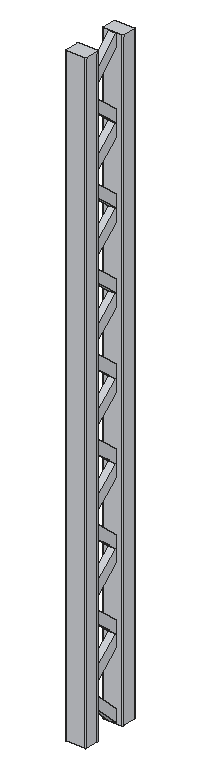
Revit family "GT24Grider", category Generic Models, Revit 2019
Family settings
  Can host rebar = No
  Round Connector Dimension = Use Diameter
  Part Type = Normal
  Work Plane-Based = No
  Always vertical = Yes
  Cut with Voids When Loaded = No
  Shared = No
  Room Calculation Point = No
Reference planes
  plane 1 "Center (Front/Back)": y = 0
  plane 2: z = 0
  plane 3 "Center (Left/Right)": x = 0
Forms (mm)
  Extrusion 1, solid
    sketch origin (-40, 60, 0) x (1, 0, 0) y (0, 1, 0)
      loop
        line (5, 0) -> (75, 0)
        arc (75, 0) -> (78.536, 1.464) -> (80, 5) r 5
        line (80, 5) -> (80, 55)
        arc (80, 55) -> (78.536, 58.536) -> (75, 60) r 5
        line (75, 60) -> (5, 60)
        arc (5, 60) -> (1.464, 58.536) -> (0, 55) r 5
        line (0, 55) -> (0, 5)
        arc (0, 5) -> (1.464, 1.464) -> (5, 0) r 5
    from 0 to 2400
  Extrusion 2, solid
    sketch origin (-40, -60, 0) x (1, 0, 0) y (0, 1, 0)
      loop
        arc (5, 0) -> (1.464, -1.464) -> (0, -5) r 5
        line (0, -5) -> (0, -55)
        arc (0, -55) -> (1.464, -58.536) -> (5, -60) r 5
        line (5, -60) -> (75, -60)
        arc (75, -60) -> (78.536, -58.536) -> (80, -55) r 5
        line (80, -55) -> (80, -5)
        arc (80, -5) -> (78.536, -1.464) -> (75, 0) r 5
        line (75, 0) -> (5, 0)
    from 0 to 2400
  Extrusion 3, solid
    sketch origin (0, 0, 0) x (0, 1, 0) y (0, 0, 1)
      loop
        line (60, 261) -> (60, 311) -> (-60, 213) -> (-60, 163) -> (60, 261)
    from -14 to 14
  Extrusion 4, solid
    sketch origin (0, 0, 622) x (0, 1, 0) y (0, 0, 1)
      loop
        line (60, -261) -> (-60, -163) -> (-60, -213) -> (60, -311) -> (60, -261)
    from -14 to 14
  Extrusion 5, solid
    sketch origin (0, 0, 296) x (0, 1, 0) y (0, 0, 1)
      loop
        line (60, 261) -> (60, 311) -> (-60, 213) -> (-60, 163) -> (60, 261)
    from -14 to 14
  Extrusion 6, solid
    sketch origin (0, 0, 592) x (0, 1, 0) y (0, 0, 1)
      loop
        line (60, 261) -> (60, 311) -> (-60, 213) -> (-60, 163) -> (60, 261)
    from -14 to 14
  Extrusion 7, solid
    sketch origin (0, 0, 888) x (0, 1, 0) y (0, 0, 1)
      loop
        line (60, 261) -> (60, 311) -> (-60, 213) -> (-60, 163) -> (60, 261)
    from -14 to 14
  Extrusion 8, solid
    sketch origin (0, 0, 1184) x (0, 1, 0) y (0, 0, 1)
      loop
        line (60, 261) -> (60, 311) -> (-60, 213) -> (-60, 163) -> (60, 261)
    from -14 to 14
  Extrusion 9, solid
    sketch origin (0, 0, 1480) x (0, 1, 0) y (0, 0, 1)
      loop
        line (60, 261) -> (60, 311) -> (-60, 213) -> (-60, 163) -> (60, 261)
    from -14 to 14
  Extrusion 10, solid
    sketch origin (0, 0, 1776) x (0, 1, 0) y (0, 0, 1)
      loop
        line (60, 261) -> (60, 311) -> (-60, 213) -> (-60, 163) -> (60, 261)
    from -14 to 14
  Extrusion 11, solid
    sketch origin (0, 0, 2072) x (0, 1, 0) y (0, 0, 1)
      loop
        line (60, 278) -> (60, 328) -> (-60, 213) -> (-60, 163) -> (60, 278)
    from -14 to 14
  Extrusion 12, solid
    sketch origin (0, 0, 918) x (0, 1, 0) y (0, 0, 1)
      loop
        line (60, -261) -> (-60, -163) -> (-60, -213) -> (60, -311) -> (60, -261)
    from -14 to 14
  Extrusion 13, solid
    sketch origin (0, 0, 1214) x (0, 1, 0) y (0, 0, 1)
      loop
        line (60, -261) -> (-60, -163) -> (-60, -213) -> (60, -311) -> (60, -261)
    from -14 to 14
  Extrusion 14, solid
    sketch origin (0, 0, 1510) x (0, 1, 0) y (0, 0, 1)
      loop
        line (60, -261) -> (-60, -163) -> (-60, -213) -> (60, -311) -> (60, -261)
    from -14 to 14
  Extrusion 15, solid
    sketch origin (0, 0, 1806) x (0, 1, 0) y (0, 0, 1)
      loop
        line (60, -261) -> (-60, -163) -> (-60, -213) -> (60, -311) -> (60, -261)
    from -14 to 14
  Extrusion 16, solid
    sketch origin (0, 0, 2102) x (0, 1, 0) y (0, 0, 1)
      loop
        line (60, -261) -> (-60, -163) -> (-60, -213) -> (60, -311) -> (60, -261)
    from -14 to 14
  Extrusion 17, solid
    sketch origin (0, 0, 2398) x (0, 1, 0) y (0, 0, 1)
      loop
        line (60, -261) -> (-60, -163) -> (-60, -213) -> (60, -311) -> (60, -261)
    from -14 to 14
  Extrusion 18, solid
    sketch origin (0, 0, 326) x (0, 1, 0) y (0, 0, 1)
      loop
        line (60, -326) -> (60, -276) -> (-60, -163) -> (-60, -213) -> (60, -326)
    from -14 to 14
Dimensions and locks
  Extrusion 1 to Extrusion 2 = 240 mm
  aligned and locked: level to plane 2
